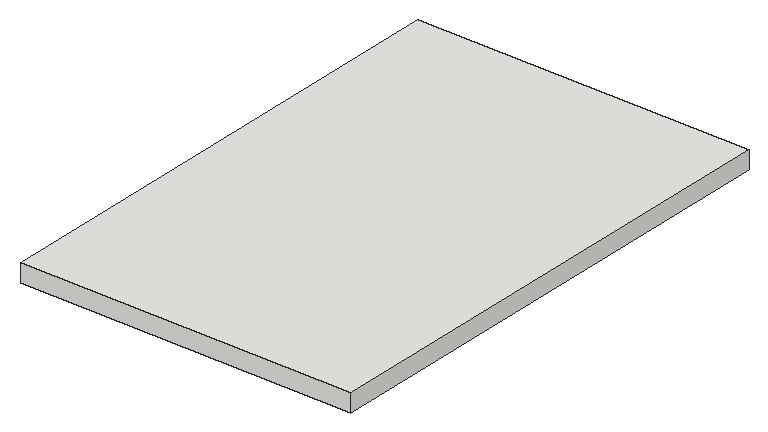
Revit family "SURVIVOR160xxWS840SAS0650x", category Oprawy oświetleniowe, Revit 2019
Family settings
  Obiekt nadrzędny = Powierzchnia
  Wymiar okrągłego złącza = Użyj średnicy
  Typ części = Normalny
  Numer OmniClass = 23.80.70.11
  Tytuł OmniClass = Luminaries for Internal Lighting
  Tnij formami wycięć po wczytaniu = Nie
  Źródło światła = Tak
  Współdzielony = Nie
  Punkt obliczania pomieszczeń = Nie
Parameters (values of type "SURVIVOR160NDWS840SAS0650-RF")
  width = 240 mm  # constant formula
  weight = "13,2"
  voltage type (AC, DC, UC) = "AC"
  rated input power = 43
  product name = "SURVIVOR160NDWS840SAS0650-RF"
  nominal voltage = "230"
  nominal frequency = "50-60Hz"
  length = 1600 mm  # constant formula
  ingress protection (IP) code = "IP65"
  height = 73 mm  # constant formula
  electrical safety class = "1"
  control gear = ""
  conformity mark = "CE"  # constant formula
  brand = "RIDI"
  approval mark = ""
  built-in parameter 1150104 = 13.8 (stored number, unit not read)
  Wattage = 38.0364 W
  Emituj z szerokości prostokąta = 1528 mm
  Emituj z długości prostokąta = 181 mm  # constant formula
  Default Elevation = 0 mm
  built-in parameter 1150113 = 1 (stored number, unit not read)
  built-in parameter 1114218 = 1 (stored number, unit not read)
  URL = "www.ridi.de"
  built-in parameter 1150134 = 12
  built-in parameter 1150109 = 1 (stored number, unit not read)
  built-in parameter 1150110 = 1 (stored number, unit not read)
  Apparent Load = 42 VA
  Tilt Angle = 90.00°
  Model = "0622224//420"
  built-in parameter 1114217 = 1 (stored number, unit not read)
  built-in parameter 1150139 = (empty or 0)
  built-in parameter 1150105 = 449.61 (stored number, unit not read)
  built-in parameter 1150114 = 1 (stored number, unit not read)
  Lumens = 5650 lm
  built-in parameter 1150115 = 1 (stored number, unit not read)
  built-in parameter 1150112 = 1 (stored number, unit not read)
  Lampa = "LED"
  Producent = "RIDI Leuchten GmbH"  # constant formula
  Dimming Lamp Color Temperature Shift = (empty or 0)
  Color Filter = 16777215
  built-in parameter 1150133 = 10 (stored number, unit not read)
  Emit Shape Visible in Rendering = no
  built-in parameter 1150137 = (empty or 0)
  built-in parameter 1150132 = 2
  Plik sieci fotometrycznej = "SURVIVOR_SAS.IES"
  Copyright = "© RIDI. All rights reserved."  # constant formula
  built-in parameter 1150106 = 4.4961 (stored number, unit not read)
  Kod zespołu = "D5020200"
  built-in parameter 1150107 = 4000 (stored number, unit not read)
  built-in parameter 1150102 = (empty or 0)
  built-in parameter 1150138 = (empty or 0)
Types (3, lengths in mm): name | product name | Apparent Load | Model
  (no name) | "SURVIVOR160NDWS840SAS0650-RF" | 42 VA | "0622224//420"
  SURVIVOR160DAWS840SAS0650 | "SURVIVOR160DAWS840SAS0650" | 43 VA | "0632224"
  SURVIVOR160NDWS840SAS0650-RF | "SURVIVOR160NDWS840SAS0650-RF" | 42 VA | "0622224//420"
Reference planes
  plane 1 "Mitte (Vorne/hinten)": y = 0
  plane 2: z = 0
  plane 3 "Mitte (Links/rechts)": x = 0
  plane 4: z = 1600
Forms (mm)
  Extrusion 1, solid
    sketch origin (219.2, 280.8, 0) x (1, 0, 0) y (0, 1, 0)
      loop
        line (-1219.2, 1219.2) -> (-1219.2, -1780.8) -> (780.8, -1780.8) -> (780.8, 1219.2) -> (-1219.2, 1219.2)
    from 0 to -107.307
Dimensions and locks
  plane 4 to Extrusion 1 = 1600 mm
  locked: imposter light to import instance at 25
  aligned and locked: plane 2 to Extrusion 1
  aligned and locked: level to Extrusion 1
  aligned and locked: import instance to Extrusion 1
Connectors
  electrical at (53.526, -773.6, 2.275), driven by "Apparent Load"
    settings: on import instance, index 1, voltage 230 V, apparent load 0 VA, apparent load phase1 42 VA, apparent load phase2 0 VA, apparent load phase3 0 VA, power factor 1, load classification "Lighting", number of poles 1, system type 31, power factor state 1, is connector primary yes, connector utility no, sub classification motor no, connector description ""
